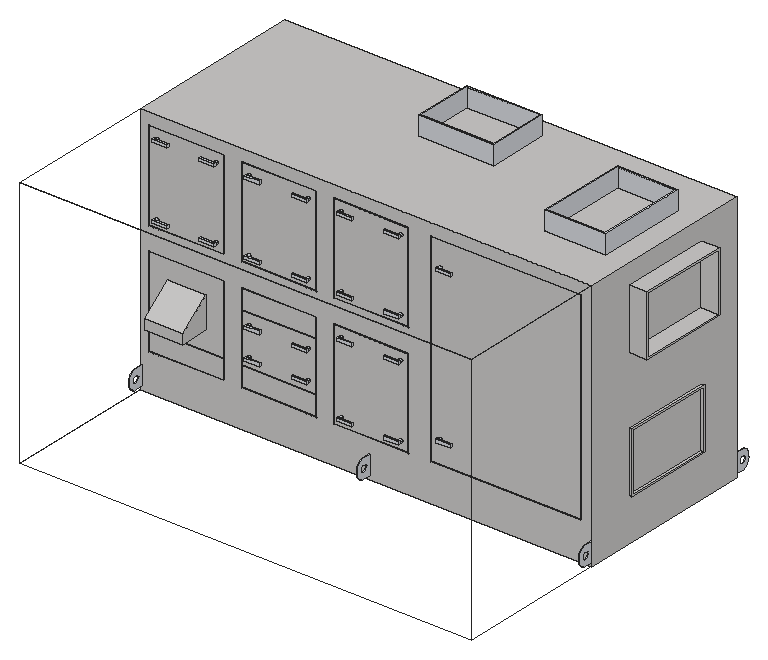
Revit family "DN-2IN-1FP-ECH", category Mechanical Equipment, Revit 2016
Family settings
  Part Type = Normal
  Round Connector Dimension = Use Diameter
  OmniClass Number = 23.75.00.00
  OmniClass Title = Climate Control (HVAC)
  Work Plane-Based = No
  Always vertical = Yes
  Cut with Voids When Loaded = No
  Shared = No
  Room Calculation Point = No
Parameters (values of type "2 @ 1.35 kW ea.")
  Voltage [instance] = "200-277 V"
  Unit Weight Range (lbs) [instance] = "2100-2425 lbs."
  Max. Shipping Weight (lbs) [instance] = "2300-2625 lbs."
  Unit Dimensions(L x W x H) [instance] = "126\" x 60-3/4\" x 71-7/8\""
  Shipping Dimensions (L x W x H) [instance] = "140\" x 90\" x 77\""
  Unit [instance] = Renewaire - Galvanized Steel
  URL = "www.renewaire.com"
  Typical Airflow Range = "375-1,650 CFM"
  Standard Features [instance] = "EC Motors for both airstreams, Direct drive backward inclined plenum, Higher ESP of up to 2\" w.g. at 1,500 CFM, Integrated programmable controls, True 100% face and bypass enthalpy based modulating economizer, Class 1 low leakage motorized isolation dampers, Stainless steel double-sloped drain pan with cooling option, 1\" Double wall foam injected 20 gauge galvanized panel construction with R6.5 insulation"
  Service Area Visibility [instance] = yes
  Service Area Box [instance] = Renewaire - Interference
  Revit Object Download Link [instance] = ""
  Phase [instance] = "Single"
  Options [instance] = "DX, heat pump, or chilled water cooling coil, Modulating hot gas reheat, Steam or hot water coil, gas heat module or electric heater, Onboard variable frequency drives (VFDs) - both airstreams, Fused disconnect, Spring isolators (VFDs only), 2\" Double wall foam injected 20 gauge galvanized panel construction with R13 insulation, Exterior paint - grey, white, custom color, BACNET factory activation, GFCI convenience outlet, Recirculation damper, Drain overflow switch, Electrofin coating for coils"
  Number Motors [instance] = "Qty. 2, Direct drive motorized impeller packages"
  Model = "DN-2IN-1FP-ECH"
  Minimum Circuit Amps [instance] = "15.1 A"
  Maximum Overcurrent Protection [instance] = "20 A"
  Manufacturer = "Renewaire LLC"
  Inlets/Outlets [instance] = "OA & RA Inlets: 24\" x 16\", SA Outlet: 24\" x 16\", EA Outlet: 20\" x 16\""
  Frequency [instance] = "50/60 Hz"
  Filters [instance] = "Total qty. 4, MERV 8: 16\" x 20\" x 2\""
  FLA per Motor [instance] = "6.7-4.8"
  Energy Recovery Type [instance] = "Static plate total energy transfer"
  Description = "Energy Recovery Ventilator"
  Accessories [instance] = "Filters - MERV 13, 2\"  and 4\" (shipped loose), MERV 14, 2\" and 4\" (shipped loose), Additional filters available upon request, Duct mounted electric pre-heater (separately powered), Carbon dioxide sensor/control - wall mount (CO2-W), duct mount (CO2-D), IAQ sensor - wall mount (IAQ-W), duct mount (IAQ-D), Motion occupancy sensor/control - ceiling mount (MC-C), wall mount (MC-W), Smoke detector, Room temperature and humidity sensor, Duct static pressure sensor with display to 10\", without display 0-2\", Room pressure sensor with display to 1\", without display 0-1\", Waterless trap negative pressure, waterless trap positive pressure, Remote display"
  AHRI 1060 Certified Core [instance] = "One L-62-G5 and one L-125-G5"
Types (7): name | Voltage | Phase | Minimum Circuit Amps | Maximum Overcurrent Protection | FLA per Motor
  (no name) | "200-277 V" | "Single" | "15.1 A" | "20 A" | "6.7-4.8"
  2 @ 1.35 kW ea. | "200-277 V" | "Single" | "15.1 A" | "20 A" | "6.7-4.8"
  2 @ 2.70 kW ea. | "200-240 V" | "Three" | "19.4 A" | "25 A" | "8.6-7.2"
  2 @ 3.70 kW ea. | "380-480 V" | "Three" | "13.5 A" | "15 A" | "6.0-4.6"
  2 @ 3HP ea. 208-230V | "208-230 V" | "Three" | "20.3 A" | "25 A" | "9-8.4/4.2"
  2 @ 3HP ea. 460V | "460V" | "Three" | "9.5 A" | "15 A" | "4.2"
  2 @ 3HP ea. 575V | "575V" | "Three" | "7.4 A" | "15 A" | "3.3"
Reference planes (in)
  plane 1 "Center (Front/Back)": y = 0
  plane 2: z = 0
  plane 3 "Center (Left/Right)": x = 0
  plane 4: y = -24
  plane 5: x = -60
Forms (in)
  Extrusion 1, solid, material "Renewaire - Galvanized Steel" <- "Unit"
    sketch origin (0, 0, 0) x (1, 0, 0) y (0, 1, 0)
      loop
        line (-60, 23.99995) -> (-60, -24) -> (60, -24) -> (60, 23.99995) -> (-60, 23.99995)
    from 0 to 66.875
  Extrusion 2, void
    sketch origin (0, 0, 0) x (1, 0, 0) y (0, 0, 1)
      loop
        line (-57.74982, 63.824) -> (-57.74982, 39.82399) -> (-37.74983, 39.82399) -> (-37.74983, 63.824) -> (-57.74982, 63.824)
      loop
        line (-33.22023, 63.824) -> (-33.22023, 39.82399) -> (-13.22023, 39.82399) -> (-13.22023, 63.824) -> (-33.22023, 63.824)
      loop
        line (-8.69064, 63.824) -> (-8.69064, 39.82399) -> (11.30935, 39.82399) -> (11.30935, 63.824) -> (-8.69064, 63.824)
      loop
        line (-57.74982, 33.824) -> (-57.74982, 9.824) -> (-37.74983, 9.824) -> (-37.74983, 33.824) -> (-57.74982, 33.824)
      loop
        line (-33.22023, 33.824) -> (-33.22023, 9.824) -> (-13.22023, 9.824) -> (-13.22023, 33.824) -> (-33.22023, 33.824)
      loop
        line (-8.69064, 33.824) -> (-8.69064, 9.824) -> (11.30935, 9.824) -> (11.30935, 33.824) -> (-8.69064, 33.824)
      loop
        line (17.22532, 63.824) -> (17.22532, 9.824) -> (57.22532, 9.824) -> (57.22532, 63.824) -> (17.22532, 63.824)
    from 23 to 25
  Extrusion 3, void
    sketch origin (0, 0, 0) x (1, 0, 0) y (0, 1, 0)
      loop
        line (-57.99999, 21.99995) -> (-57.99999, -22) -> (57.89381, -22) -> (57.89381, 21.99995) -> (-57.99999, 21.99995)
    from 0 to 6
  Extrusion 4, solid, material "Renewaire - Galvanized Steel" <- "Unit"
    sketch origin (0, 0, 0) x (0, 1, 0) y (0, 0, 1)
      loop
        line (-12.00006, 61.824) -> (-12.00006, 45.824) -> (11.99994, 45.824) -> (11.99994, 61.824) -> (-12.00006, 61.824)
      loop
        line (-11.75006, 61.574) -> (-11.75006, 46.074) -> (11.74994, 46.074) -> (11.74994, 61.574) -> (-11.75006, 61.574)
    from 60 to 65
  Extrusion 5, void
    sketch origin (0, 0, 0) x (1, 0, 0) y (0, 1, 0)
      loop
        line (-7.70596, 18.99991) -> (-7.70596, 2.9999) -> (12.29402, 2.9999) -> (12.29402, 18.99991) -> (-7.70596, 18.99991)
      loop
        line (37.89381, 11.99993) -> (37.89381, -12.00007) -> (53.89381, -12.00007) -> (53.89381, 11.99993) -> (37.89381, 11.99993)
    from 66.75 to 68
  Extrusion 6, void
    sketch origin (0, 0, 0) x (1, 0, 0) y (0, 1, 0)
      loop
        line (-53.93058, 17.99994) -> (-53.93058, -6.00006) -> (-37.93058, -6.00006) -> (-37.93058, 17.99994) -> (-53.93058, 17.99994)
      loop
        line (37.89381, 11.99993) -> (37.89381, -12.00007) -> (53.89381, -12.00007) -> (53.89381, 11.99993) -> (37.89381, 11.99993)
    from 5 to 6.125
  Extrusion 7, solid, material "Renewaire - Galvanized Steel" <- "Unit"
    sketch origin (0, 0, 0) x (0, 1, 0) y (0, 0, 1)
      loop
        line (-8.80644, 26.3132) -> (-11.13705, 26.3132) -> (-11.13705, 23.4382) -> (-8.80644, 23.4382) -> (-8.80644, 26.3132)
      loop
        line (-9.05644, 26.0632) -> (-10.88705, 26.0632) -> (-10.88705, 23.6882) -> (-9.05644, 23.6882) -> (-9.05644, 26.0632)
    from -60 to -61
  Extrusion 8, solid, material "Renewaire - Galvanized Steel" <- "Unit"
    sketch origin (0, 0, 0) x (1, 0, 0) y (0, 0, 1)
      loop
        line (11.30935, 61.82401) -> (-8.69064, 61.82401) -> (-8.69064, 45.82401) -> (11.30935, 45.82401) -> (11.30935, 61.82401)
      loop
        line (11.05935, 61.57401) -> (-8.44064, 61.57401) -> (-8.44064, 46.07401) -> (11.05935, 46.07401) -> (11.05935, 61.57401)
    from -24 to -29
  Extrusion 9, solid, material "Renewaire - Galvanized Steel" <- "Unit"
    sketch origin (0, 0, 0) x (0, 1, 0) y (0, 0, 1)
      loop
        line (18.60019, 30.89209) -> (-5.39982, 30.89209) -> (-5.39982, 14.89209) -> (18.60019, 14.89209) -> (18.60019, 30.89209)
      loop
        line (18.35019, 30.64209) -> (-5.14982, 30.64209) -> (-5.14982, 15.14209) -> (18.35019, 15.14209) -> (18.35019, 30.64209)
    from -60 to -61
  Extrusion 10, solid, material "Renewaire - Galvanized Steel" <- "Unit"
    sketch origin (0, 0, 0) x (0, 1, 0) y (0, 0, 1)
      loop
        line (-12.00006, 27.784) -> (-12.00006, 11.78399) -> (11.99994, 11.78399) -> (11.99994, 27.784) -> (-12.00006, 27.784)
      loop
        line (-11.75006, 27.534) -> (-11.75006, 12.03399) -> (11.74994, 12.03399) -> (11.74994, 27.534) -> (-11.75006, 27.534)
    from 60 to 61
  Extrusion 11, solid, material "Renewaire - Galvanized Steel" <- "Unit"
    sketch origin (0, 0, 0) x (1, 0, 0) y (0, 0, 1)
      loop
        line (-57.49982, 63.574) -> (-57.49982, 40.07399) -> (-37.99983, 40.07399) -> (-37.99983, 63.574) -> (-57.49982, 63.574)
      loop
        line (17.47532, 63.574) -> (17.47532, 10.324) -> (56.97532, 10.324) -> (56.97532, 63.574) -> (17.47532, 63.574)
      loop
        line (-32.97023, 63.574) -> (-32.97023, 40.07399) -> (-13.47023, 40.07399) -> (-13.47023, 63.574) -> (-32.97023, 63.574)
      loop
        line (-8.44064, 63.574) -> (-8.44064, 40.07399) -> (11.05935, 40.07399) -> (11.05935, 63.574) -> (-8.44064, 63.574)
      loop
        line (-8.44064, 33.574) -> (-8.44064, 10.074) -> (11.05935, 10.074) -> (11.05935, 33.574) -> (-8.44064, 33.574)
      loop
        line (-32.97023, 33.574) -> (-32.97023, 28.574) -> (-13.47023, 28.574) -> (-13.47023, 33.574) -> (-32.97023, 33.574)
      loop
        line (-32.97023, 10.074) -> (-13.47023, 10.074) -> (-13.47023, 15.074) -> (-32.97023, 15.074) -> (-32.97023, 10.074)
      loop
        line (-57.49982, 33.574) -> (-57.49982, 15.324) -> (-37.99983, 15.324) -> (-37.99983, 33.574) -> (-57.49982, 33.574)
      loop
        line (-57.49982, 10.074) -> (-37.99983, 10.074) -> (-37.99983, 15.074) -> (-57.49982, 15.074) -> (-57.49982, 10.074)
      loop
        line (-32.97023, 15.324) -> (-13.47023, 15.324) -> (-13.47023, 28.324) -> (-32.97023, 28.324) -> (-32.97023, 15.324)
    from 23 to 24
  Extrusion 12, solid, material "Renewaire - Interference" <- "Service Area Box", visible <- "Service Area Visibility"
    sketch origin (0, 0, 0) x (1, 0, 0) y (0, 1, 0)
      loop
        line (-60, -24) -> (-60, -64) -> (60, -64) -> (60, -24) -> (-60, -24)
    from 66.875 to 0
  Extrusion 13, solid
    sketch origin (0, 0, 0) x (1, 0, 0) y (0, 1, 0)
      loop
        line (-7.70596, 18.99991) -> (-7.70596, 2.9999) -> (12.29402, 2.9999) -> (12.29402, 18.99991) -> (-7.70596, 18.99991)
      loop
        line (-7.45596, 18.74991) -> (-7.45596, 3.2499) -> (12.04402, 3.2499) -> (12.04402, 18.74991) -> (-7.45596, 18.74991)
    from 71.875 to 66.875
  Extrusion 14, solid
    sketch origin (0, 0, 0) x (1, 0, 0) y (0, 1, 0)
      loop
        line (37.89381, 11.99993) -> (37.89381, -12.00007) -> (53.89381, -12.00007) -> (53.89381, 11.99993) -> (37.89381, 11.99993)
      loop
        line (38.14381, 11.74993) -> (38.14381, -11.75007) -> (53.64381, -11.75007) -> (53.64381, 11.74993) -> (38.14381, 11.74993)
    from 71.875 to 66.875
  Extrusion 15, solid, material "Renewaire - Galvanized Steel" <- "Unit"
    sketch origin (-0.54265, 0, -2.50547) x (0, 1, 0) y (0, 0, 1)
      loop
        line (-24, 31.20717) -> (-31.6831, 25.20447) -> (-31.6831, 22.70447) -> (-24, 22.70447) -> (-24, 31.20717)
    from -42.22506 to -52.18929
Cuts and joins
  Extrusion 2, Extrusion 3, Extrusion 5, Extrusion 6 cuts Extrusion 1
Dimensions and locks (in)
  aligned and locked: level to plane 2
  aligned and locked: cut or joined group of Extrusion 1, Extrusion 2, Extrusion 3, Extrusion 5, Extrusion 6 to nested 1
  aligned and locked: cut or joined group of Extrusion 1, Extrusion 2, Extrusion 3, Extrusion 5, Extrusion 6 to nested 2
Nested families (in)
  nested 1: "Handle" at (-39.87483, -24, 61.25), type "Handle"
    with Right Handle no, Left Handle yes, Flip yes
  nested 2: "Lifting Lug" at (-59.68998, -24, 0.74999) x (0, -1, 0) z (0, 0, 1), Material <- "Unit", type "Lifting Lug"
    with Material Renewaire - Galvanized Steel
  nested 3: "Lifting Lug" at (0.88692, -24, 0.74999) x (0, -1, 0) z (0, 0, 1), Material <- "Unit", type "Lifting Lug"
    with Material Renewaire - Galvanized Steel
  nested 4: "Lifting Lug" at (59.88692, -24, 0.74999) x (0, -1, 0) z (0, 0, 1), Material <- "Unit", type "Lifting Lug"
    with Material Renewaire - Galvanized Steel
  nested 5: "Handle" at (-39.87483, -24, 42.11337), type "Handle"
    with Right Handle no, Left Handle yes, Flip yes
  nested 6: "Handle" at (-55.62482, -24, 61.21792) x (-1, 0, 0) z (0, 0, 1), type "Handle"
    with Right Handle no, Left Handle yes, Flip yes
  nested 7: "Handle" at (-55.62482, -24, 42.08129) x (-1, 0, 0) z (0, 0, 1), type "Handle"
    with Right Handle no, Left Handle yes, Flip yes
  nested 8: "Handle" at (9.18435, -24, 31.25), type "Handle"
    with Right Handle no, Left Handle yes, Flip yes
  nested 9: "Handle" at (9.18435, -24, 12.11338), type "Handle"
    with Right Handle no, Left Handle yes, Flip yes
  nested 10: "Handle" at (-6.56564, -24, 31.25) x (-1, 0, 0) z (0, 0, 1), type "Handle"
    with Right Handle no, Left Handle yes, Flip yes
  nested 11: "Handle" at (-6.56564, -24, 12.11338) x (-1, 0, 0) z (0, 0, 1), type "Handle"
    with Right Handle no, Left Handle yes, Flip yes
  nested 12: "Handle" at (-15.34523, -24, 25.5), type "Handle"
    with Right Handle no, Left Handle yes, Flip yes
  nested 13: "Handle" at (-15.34523, -24, 17.86338), type "Handle"
    with Right Handle no, Left Handle yes, Flip yes
  nested 14: "Handle" at (-31.09523, -24, 25.5) x (-1, 0, 0) z (0, 0, 1), type "Handle"
    with Right Handle no, Left Handle yes, Flip yes
  nested 15: "Handle" at (-31.09523, -24, 17.86338) x (-1, 0, 0) z (0, 0, 1), type "Handle"
    with Right Handle no, Left Handle yes, Flip yes
  nested 16: "Handle" at (-15.34523, -24, 61.25), type "Handle"
    with Right Handle no, Left Handle yes, Flip yes
  nested 17: "Handle" at (-15.34523, -24, 42.11337), type "Handle"
    with Right Handle no, Left Handle yes, Flip yes
  nested 18: "Handle" at (-31.09523, -24, 61.21792) x (-1, 0, 0) z (0, 0, 1), type "Handle"
    with Right Handle no, Left Handle yes, Flip yes
  nested 19: "Handle" at (-31.09523, -24, 42.08129) x (-1, 0, 0) z (0, 0, 1), type "Handle"
    with Right Handle no, Left Handle yes, Flip yes
  nested 20: "Handle" at (9.18435, -24, 61.25), type "Handle"
    with Right Handle no, Left Handle yes, Flip yes
  nested 21: "Handle" at (9.18435, -24, 42.11337), type "Handle"
    with Right Handle no, Left Handle yes, Flip yes
  nested 22: "Handle" at (-6.56564, -24, 61.21792) x (-1, 0, 0) z (0, 0, 1), type "Handle"
    with Right Handle no, Left Handle yes, Flip yes
  nested 23: "Handle" at (-6.56564, -24, 42.08129) x (-1, 0, 0) z (0, 0, 1), type "Handle"
    with Right Handle no, Left Handle yes, Flip yes
  nested 24: "Handle" at (19.76858, -24, 57.0118) x (-1, 0, 0) z (0, 0, 1), type "Handle"
    with Right Handle no, Left Handle yes, Flip yes
  nested 25: "Handle" at (19.76858, -24, 16.2618) x (-1, 0, 0) z (0, 0, 1), type "Handle"
    with Right Handle no, Left Handle yes, Flip yes
  nested 26: "Lifting Lug" at (-59.68998, 24, 0.74999) x (0, 1, 0) z (0, 0, 1), Material <- "Unit", type "Lifting Lug"
    with Material Renewaire - Galvanized Steel
  nested 27: "Lifting Lug" at (0.88692, 24, 0.74999) x (0, 1, 0) z (0, 0, 1), Material <- "Unit", type "Lifting Lug"
    with Material Renewaire - Galvanized Steel
  nested 28: "Lifting Lug" at (59.88692, 24, 0.74999) x (0, 1, 0) z (0, 0, 1), Material <- "Unit", type "Lifting Lug"
    with Material Renewaire - Galvanized Steel
Connectors (in)
  hvac at (65, -0.00006, 53.824)
    settings: on Extrusion 4, index 1, duct flow 0 CFM, flow factor 0, pres drop 0.00 in-wg, loss coef 0, conn angle 0.00°, conn width 24", conn height 16", conn diameter 24", duct sys type 4, conn prof type 1, flow config 0, flow direction 1, loss method 0, conn ref index -1, conn util no, is conn primary yes, conn desc "Outside Air (OA)"
  hvac at (61, -0.00006, 19.784)
    settings: on Extrusion 10, index 2, duct flow 0 CFM, flow factor 0, pres drop 0.00 in-wg, loss coef 0, conn angle 0.00°, conn width 24", conn height 16", conn diameter 24", duct sys type 2, conn prof type 1, flow config 0, flow direction 1, loss method 0, conn ref index -1, conn util no, is conn primary no, conn desc "Return Air (RA)"
  hvac at (1.30935, 29, 53.82401)
    settings: on Extrusion 8, index 5, duct flow 0 CFM, flow factor 0, pres drop 0.00 in-wg, loss coef 0, conn angle 0.00°, conn width 20", conn height 16", conn diameter 24", duct sys type 3, conn prof type 1, flow config 0, flow direction 2, loss method 0, conn ref index -1, conn util no, is conn primary no, conn desc "Exhaust Air (EA)"
  hvac at (-61, 6.60018, 22.89209)
    settings: on Extrusion 9, index 6, duct flow 0 CFM, flow factor 0, pres drop 0.00 in-wg, loss coef 0, conn angle 0.00°, conn width 24", conn height 16", conn diameter 24", duct sys type 1, conn prof type 1, flow config 0, flow direction 2, loss method 0, conn ref index -1, conn util no, is conn primary no, conn desc "Supply Air (SA)"
  hvac at (-45.93058, 5.99994, 6.125)
    settings: on cut or joined group of Extrusion 1, Extrusion 2, Extrusion 3, Extrusion 5, Extrusion 6, index 7, duct flow 0 CFM, flow factor 0, pres drop 0.00 in-wg, loss coef 0, conn angle 0.00°, conn width 24", conn height 16", conn diameter 24", duct sys type 1, conn prof type 1, flow config 0, flow direction 2, loss method 0, conn ref index -1, conn util no, is conn primary no, conn desc "Supply Air (SA)"
  hvac at (45.89381, -0.00007, 71.875)
    settings: on Extrusion 14, index 8, duct flow 0 CFM, flow factor 0, pres drop 0.00 in-wg, loss coef 0, conn angle 0.00°, conn width 16", conn height 24", conn diameter 24", duct sys type 4, conn prof type 1, flow config 0, flow direction 1, loss method 0, conn ref index -1, conn util no, is conn primary no, conn desc "Outside Air (OA)"
  hvac at (2.29403, 10.99991, 71.875)
    settings: on Extrusion 13, index 9, duct flow 0 CFM, flow factor 0, pres drop 0.00 in-wg, loss coef 0, conn angle 0.00°, conn width 20", conn height 16", conn diameter 24", duct sys type 3, conn prof type 1, flow config 0, flow direction 2, loss method 0, conn ref index -1, conn util no, is conn primary no, conn desc "Exhaust Air (EA)"
  hvac at (45.89381, -0.00007, 6)
    settings: on cut or joined group of Extrusion 1, Extrusion 2, Extrusion 3, Extrusion 5, Extrusion 6, index 10, duct flow 0 CFM, flow factor 0, pres drop 0.00 in-wg, loss coef 0, conn angle 0.00°, conn width 24", conn height 16", conn diameter 24", duct sys type 2, conn prof type 1, flow config 0, flow direction 1, loss method 0, conn ref index -1, conn util no, is conn primary no, conn desc "Return Air (RA)"
Definition of nested family "Handle"
  Parameters (values of type "Handle")
    Right Handle [instance] = not(Flip)  # no
    Material = none
    Left Handle [instance] = Flip  # yes
    Flip [instance] = yes
  Reference planes (in)
    plane 1 "Center (Front/Back)": y = 0
    plane 2: z = 0
    plane 3 "Center (Left/Right)": x = 0
  Forms (in)
    Extrusion 1, solid, material <- "Material"
      sketch origin (0, 0, 0) x (1, 0, 0) y (0, 0, 1)
        loop
          circle (0, 0) r 0.375
      from 0 to 0.75
    Extrusion 2, solid, material <- "Material", visible <- "Right Handle"
      sketch origin (0, 0, 0) x (1, 0, 0) y (0, 1, 0)
        loop
          line (-0.375, -0.75) -> (-0.375, -1.25) -> (3.625, -1.25) -> (3.625, -0.75) -> (-0.375, -0.75)
      from -0.375 to 0.375
    Extrusion 3, solid, material <- "Material", visible <- "Left Handle"
      sketch origin (-3.25, 0, 0) x (1, 0, 0) y (0, 1, 0)
        loop
          line (-0.375, -0.75) -> (-0.375, -1.25) -> (3.625, -1.25) -> (3.625, -0.75) -> (-0.375, -0.75)
      from -0.375 to 0.375
  Dimensions and locks (in)
    aligned and locked: plane 2 to level
Definition of nested family "Lifting Lug"
  Parameters (values of type "Lifting Lug")
    Material [instance] = none
  Reference planes (in)
    plane 1 "Center (Front/Back)": y = 0
    plane 2: z = 0
    plane 3 "Center (Left/Right)": x = 0
  Forms (in)
    Extrusion 1, solid
      sketch origin (0, 0, 0) x (1, 0, 0) y (0, 0, 1)
        loop
          line (0, 0.1875) -> (2, 0.1875)
          arc (2, 0.1875) -> (3.41421, 0.77329) -> (4, 2.1875) r 2
          line (4, 2.1875) -> (4, 3.1875)
          arc (4, 3.1875) -> (3.41421, 4.60171) -> (2, 5.1875) r 2
          line (2, 5.1875) -> (0, 5.1875) -> (0, 0.1875)
        loop
          circle (2.125, 2.6875) r 1
      from 0 to 0.25
  Dimensions and locks (in)
    aligned and locked: plane 2 to level
